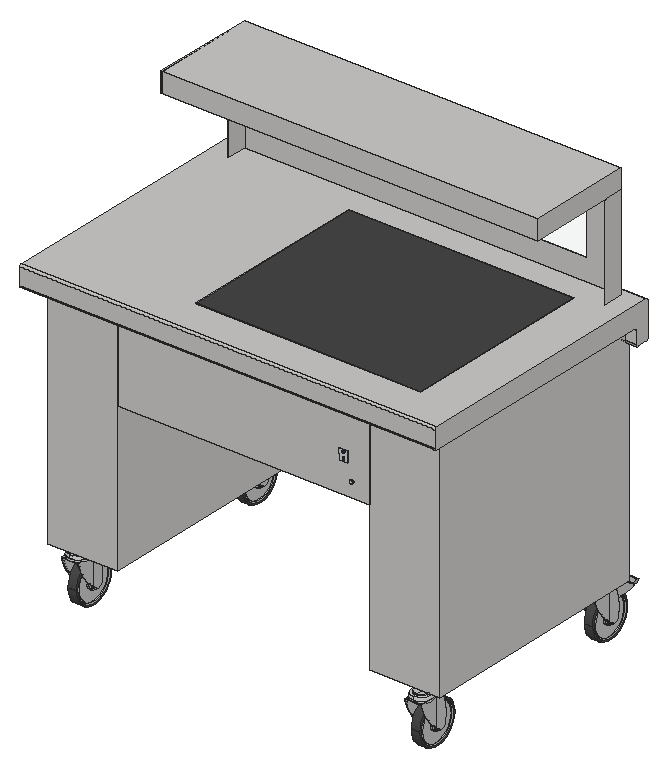
Revit family "QF_BOURGEAT_CARCEROLL_comptoir_chaud", category Equipement spécialisé, Revit 2015
Parameters
  URL catalogue = "http://www.bourgeat.fr"
  URL = ""
  Type de Raccord Electrique = ""
  Type article = ""
  Tension = 230 V
  Spécification du Fabricant = "CARCE'ROLL"
  Remarques Electricité = ""
  Puissance électrique  = 870 W
  Profondeur hors tout = 770 mm
  Poids net à vide = 79.00 kg
  Phase = 2
  Modèle = "884406"
  Longueur hors tout = 1209 mm
  Intensité nominale = 3.78261 A
  Indice de protection = "21"
  Hauteur hors tout = 1228 mm
  Fréquence = 50 Hz
  Fabricant = "BOURGEAT"
  Contact SAV = "0033(0)4.76.32.14.44"
  Charge max = 20.00 kg
Reference planes
  plane 1 "Centre (avant/arrière)": y = 0
  plane 2: z = 0
  plane 3 "Centre (gauche/droite)": x = 0
  plane 4: y = -40
  plane 5: y = -770
  plane 6: x = 604.5
  plane 7: x = -604.5
  plane 8: y = -23
  plane 9: x = 569.5
  plane 10: x = -569.5
  plane 11: y = -713
  plane 12: x = 367.5
  plane 13: x = -367.5
  plane 14: z = 838.607
  plane 15: z = 788.607
  plane 16: y = -688
  plane 17: z = 588.607
  plane 18: x = 548
  plane 19: x = -548
  plane 20: z = 1172.607
  plane 21: y = -25
  plane 22: y = -84
  plane 23: z = 1228.907
  plane 24: y = -327.7
  plane 25: z = 1227.407
  plane 26: y = -26.5
  plane 27: x = -450
  plane 28: x = 450
  plane 29: z = 960.107
  plane 30: z = 1170.107
  plane 31: x = 472.5
  plane 32: y = -660
  plane 33: y = -103
  plane 34: x = -182.5
Forms (mm)
  Extrusion 1, solid, material "Acier inoxydable, brossé"
    sketch origin (0, 0, 790) x (0, 1, 0) y (0, 0, 1)
      loop
        arc (-765, 108.607) -> (-768.536, 107.142) -> (-770, 103.607) r 5
        line (-770, 103.607) -> (-770, 53.607)
        arc (-770, 53.607) -> (-768.536, 50.071) -> (-765, 48.607) r 5
        line (-765, 48.607) -> (-45, 48.607)
        arc (-45, 48.607) -> (-41.464, 47.142) -> (-40, 43.607) r 5
        line (-40, 43.607) -> (-40, 3.607)
        arc (-40, 3.607) -> (-38.536, 0.071) -> (-35, -1.393) r 5
        line (-35, -1.393) -> (-5, -1.393)
        arc (-5, -1.393) -> (-1.464, 0.071) -> (0, 3.607) r 5
        line (0, 3.607) -> (0, 103.607)
        arc (0, 103.607) -> (-1.464, 107.142) -> (-5, 108.607) r 5
        line (-5, 108.607) -> (-765, 108.607)
    from -604.5 to 604.5
  Extrusion 2, solid, material "Acier inoxydable, brossé"
    sketch origin (0, 0, 0) x (1, 0, 0) y (0, 1, 0)
      loop
        line (-569.5, -23) -> (-569.5, -713) -> (-367.5, -713) -> (-367.5, -23) -> (-569.5, -23)
      loop
        line (367.5, -713) -> (569.5, -713) -> (569.5, -23) -> (367.5, -23) -> (367.5, -713)
    from 158.607 to 838.607
  Extrusion 3, solid, material "Acier inoxydable, brossé"
    sketch origin (0, 0, 0) x (0, 1, 0) y (0, 0, 1)
      loop
        line (-713, 838.607) -> (-713, 588.607) -> (-688, 588.607) -> (-688, 838.607) -> (-713, 838.607)
    from -367.5 to 367.5
  Extrusion 4, solid, material "Acier inoxydable, brossé"
    sketch origin (0, 0, 0) x (1, 0, 0) y (0, 0, 1)
      loop
        line (-548, 1172.607) -> (-548, 898.607) -> (548, 898.607) -> (548, 1172.607) -> (-548, 1172.607)
    from 25 to 84
  Extrusion 5, solid, material "Acier inoxydable, brossé"
    sketch origin (0, 0, 0) x (0, 1, 0) y (0, 0, 1)
      loop
        line (-327.7, 1228.907) -> (-327.7, 1172.607) -> (-25, 1172.607) -> (-25, 1228.907) -> (-327.7, 1228.907)
    from -548 to 548
  Extrusion 6, void
    sketch origin (0, 0, 0) x (1, 0, 0) y (0, 1, 0)
      loop
        line (-546.5, -26.5) -> (-546.5, -326.2) -> (546.5, -326.2) -> (546.5, -26.5) -> (-546.5, -26.5)
    from 898.607 to 1227.407
  Extrusion 7, void
    sketch origin (0, 0, 0) x (1, 0, 0) y (0, 0, 1)
      loop
        line (-450, 1170.107) -> (-450, 960.107) -> (450, 960.107) -> (450, 1170.107) -> (-450, 1170.107)
    from 0 to 250
  Extrusion 8, solid, material "Verre, vitrage transparent"
    sketch origin (0, 0, 0) x (1, 0, 0) y (0, 0, 1)
      loop
        line (-450, 1170.107) -> (-450, 960.107) -> (450, 960.107) -> (450, 1170.107) -> (-450, 1170.107)
    from 25 to 26.5
  Extrusion 9, void
    sketch origin (0, 0, 0) x (1, 0, 0) y (0, 1, 0)
      loop
        line (-182.5, -103) -> (-182.5, -660) -> (472.5, -660) -> (472.5, -103) -> (-182.5, -103)
    from 788.607 to 994.934
  Extrusion 10, solid, material "verre trempé"
    sketch origin (0, 0, 0) x (1, 0, 0) y (0, 1, 0)
      loop
        line (-182.5, -103) -> (-182.5, -660) -> (472.5, -660) -> (472.5, -103) -> (-182.5, -103)
    from 878.605 to 898.607
  Extrusion 11, solid
    sketch origin (0, 0, 0) x (1, 0, 0) y (0, 0, 1)
      loop
        circle (314.572, 632.123) r 5
    from 713 to 715.244
Cuts and joins
  Extrusion 6, Extrusion 9 cuts Extrusion 2
  Extrusion 6, Extrusion 7 cuts Extrusion 4
  Extrusion 6 cuts Extrusion 5
  Extrusion 9 cuts Extrusion 1
Dimensions and locks
  plane 1 "Centre (avant/arrière)" to plane 8 = 23 mm
  plane 24 to Extrusion 6 sketch curve = 1.5 mm
  plane 19 to Extrusion 6 sketch curve = 1.5 mm
  Extrusion 6 sketch curve to plane 18 = 1.5 mm
  plane 8 to Extrusion 6 sketch curve = 3.5 mm
  plane 31 to Extrusion 1 = 132 mm
  cut or joined group of Extrusion 2, Extrusion 6, Extrusion 9 to nested 5 = 63 mm
  nested 5 to plane 17 = 89 mm
  aligned and locked: level to plane 2
  aligned and locked: plane 1 "Centre (avant/arrière)" to Extrusion 1 sketch curve
  aligned and locked: plane 4 to Extrusion 1 sketch curve
  aligned and locked: Extrusion 1 sketch curve to plane 5
  aligned and locked: plane 7 to Extrusion 1
  aligned and locked: plane 6 to Extrusion 1
  aligned and locked: Extrusion 2 sketch curve to plane 8
  aligned and locked: plane 10 to Extrusion 2 sketch curve
  aligned and locked: plane 11 to Extrusion 2 sketch curve
  aligned and locked: Extrusion 2 sketch curve to plane 13
  aligned and locked: Extrusion 2 sketch curve to plane 11
  aligned and locked: Extrusion 2 sketch curve to plane 12
  aligned and locked: plane 8 to Extrusion 2 sketch curve
  aligned and locked: plane 9 to Extrusion 2 sketch curve
  aligned and locked: Extrusion 2 to nested 1
  aligned and locked: plane 14 to Extrusion 2
  aligned and locked: Extrusion 3 sketch curve to Extrusion 2  (x2)
  aligned and locked: plane 17 to Extrusion 3 sketch curve
  aligned and locked: Extrusion 3 sketch curve to plane 16
  aligned and locked: Extrusion 3 to plane 13
  aligned and locked: plane 12 to Extrusion 3
  aligned and locked: Extrusion 4 sketch curve to plane 20
  aligned and locked: Extrusion 4 sketch curve to plane 19
  aligned and locked: Extrusion 4 sketch curve to plane 18
  aligned and locked: Extrusion 4 to Extrusion 1
  aligned and locked: plane 21 to Extrusion 4
  aligned and locked: Extrusion 4 to plane 22
  aligned and locked: Extrusion 5 sketch curve to plane 23
  aligned and locked: Extrusion 5 sketch curve to plane 24
  aligned and locked: Extrusion 5 sketch curve to Extrusion 4  (x2)
  aligned and locked: plane 18 to Extrusion 5
  aligned and locked: plane 19 to Extrusion 5
  aligned and locked: plane 25 to Extrusion 6
  aligned and locked: Extrusion 4 to Extrusion 6
  aligned and locked: cut or joined group of Extrusion 5, Extrusion 6 to plane 26
  aligned and locked: Extrusion 7 sketch curve to plane 30
  aligned and locked: plane 27 to Extrusion 7 sketch curve
  aligned and locked: plane 29 to Extrusion 7 sketch curve
  aligned and locked: plane 28 to Extrusion 7 sketch curve
  aligned and locked: Extrusion 8 sketch curve to cut or joined group of Extrusion 4, Extrusion 6, Extrusion 7  (x4)
  aligned and locked: plane 21 to Extrusion 8
  aligned and locked: Extrusion 8 to cut or joined group of Extrusion 4, Extrusion 6, Extrusion 7
  aligned and locked: Extrusion 9 sketch curve to plane 33
  aligned and locked: plane 34 to Extrusion 9 sketch curve
  aligned and locked: plane 32 to Extrusion 9 sketch curve
  aligned and locked: plane 31 to Extrusion 9 sketch curve
  aligned and locked: Extrusion 10 sketch curve to cut or joined group of Extrusion 1, Extrusion 9  (x3)
  aligned and locked: Extrusion 10 sketch curve to cut or joined group of Extrusion 2, Extrusion 6, Extrusion 9
  aligned and locked: cut or joined group of Extrusion 1, Extrusion 9 to Extrusion 10
  aligned and locked: nested 4 to plane 16
  aligned and locked: nested 1 to plane 22
  aligned and locked: nested 2 to plane 22
  aligned and locked: nested 3 to plane 11
  aligned and locked: nested 3 to nested 2
  aligned and locked: nested 4 to nested 1
  aligned and locked: plane 11 to Extrusion 11
  aligned and locked: nested 5 to Extrusion 11
Nested families
  nested 1: "ROULETTE" at (-500.5, -84, 0), type "ROULETTE"
    with Sans frein yes, Avec frein yes
  nested 2: "ROULETTE" at (518, -84, 0), type "ROULETTE"
    with Sans frein yes, Avec frein yes
  nested 3: "ROULETTE" at (518, -713, 0), type "ROULETTE"
    with Sans frein yes, Avec frein no
  nested 4: "ROULETTE" at (-500.5, -688, 0), type "ROULETTE"
    with Sans frein yes, Avec frein no
  nested 5: "switch" at (292, -713, 677.607) x (-1, 0, 0) z (0, 0, 1), type "switch"
Connectors
  electrical at (314.572, -715.244, 632.123)
    settings: on Extrusion 11, index 1, voltage 0 V, apparent load 0 VA, apparent load phase1 0 VA, apparent load phase2 0 VA, apparent load phase3 0 VA, power factor 1, load classification "Autre", number of poles 1, system type 30, power factor state 1, is connector primary yes, connector utility no, sub classification motor no, connector description ""
Definition of nested family "ROULETTE"
  Parameters (values of type "ROULETTE")
    Sans frein [instance] = yes
    Avec frein [instance] = yes
  Reference planes
    plane 1 "Centre (avant/arrière)": y = 0
    plane 2: z = 0
    plane 3 "Centre (gauche/droite)": x = 0
    plane 4: y = 40.851
    plane 5: z = 62.5
  Forms (mm)
    Extrusion 1, solid
      sketch origin (0, 0, 0) x (0, 1, 0) y (0, 0, 1)
        loop
          circle (40.851, 62.5) r 62.5
        loop
          circle (40.851, 62.5) r 57.5
      from -12.5 to 12.5
    Revolve 2, solid
      sketch origin (0, 0, 0) x (0, 1, 0) y (0, 0, 1)
        loop
          line (0, 158.607) -> (-20.149, 158.607) -> (-20.149, 156.49) -> (-22.4, 156.49)
          arc (-22.4, 156.49) -> (-24.88, 155.923) -> (-26.868, 154.337) r 5.712
          line (-26.868, 154.337) -> (-30.146, 147.743) -> (-26.999, 147.062) -> (-26.999, 146.112)
          arc (-26.999, 146.112) -> (-27.23, 145.314) -> (-27.849, 144.761) r 1.5
          arc (-27.849, 144.761) -> (-29.223, 143.633) -> (-29.923, 142) r 3.75
          line (-29.923, 142) -> (0, 142) -> (0, 158.607)
        axis (0, 158.607) -> (0, 142)
      angle from 0 to 360
    Extrusion 3, solid
      sketch origin (0, 0, 0) x (0, 1, 0) y (0, 0, -1)
        loop
          line (-29.974, -138.241) -> (-29.974, -142) -> (21.747, -142) -> (21.747, -60.336)
          arc (21.747, -60.336) -> (10.272, -70.702) -> (-0.149, -82.127) r 160.057
          arc (-0.149, -82.127) -> (-17.883, -108.684) -> (-29.974, -138.241) r 159.585
      from -24.913 to -23.038
    Extrusion 4, solid
      sketch origin (0, 0, 0) x (0, 1, 0) y (0, 0, 1)
        loop
          line (-29.974, 142) -> (-29.974, 140.869) -> (21.747, 140.869) -> (21.747, 142) -> (-29.974, 142)
      from -23.038 to 23.038
    Extrusion 5, solid
      sketch origin (0, 0, 0) x (0, 1, 0) y (0, 0, 1)
        loop
          circle (40.851, 62.5) r 57.5
        loop
          circle (40.851, 62.5) r 55
      from -12.5 to 12.5
    Extrusion 6, solid
      sketch origin (0, 0, 0) x (0, 1, 0) y (0, 0, 1)
        loop
          circle (40.851, 62.5) r 55
      from -7 to 7
    Extrusion 7, solid
      sketch origin (0, 0, 0) x (0, 1, 0) y (0, 0, 1)
        loop
          circle (40.851, 62.5) r 21
      from 7 to 15
    Extrusion 8, solid
      sketch origin (0, 0, 0) x (0, 1, 0) y (0, 0, -1)
        loop
          circle (40.851, -62.5) r 16
      from -23.038 to -15
    Extrusion 9, solid, visible <- "Sans frein"
      sketch origin (0, 0, 0) x (0, 1, 0) y (0, 0, 1)
        loop
          arc (21.747, 60.336) -> (23.188, 59.17) -> (24.642, 58.02) r 161.23
          arc (24.642, 58.02) -> (29.34, 54.513) -> (34.187, 51.216) r 133.333
          arc (34.187, 51.216) -> (46.517, 50.3) -> (53.927, 60.198) r 12.867
          arc (53.927, 60.198) -> (54.714, 99.183) -> (46.119, 137.216) r 161.222
          arc (46.119, 137.216) -> (45.679, 138.887) -> (45.531, 140.609) r 10.076
          line (45.531, 140.609) -> (45.531, 142) -> (21.747, 142) -> (21.747, 60.336)
      from 23.038 to 24.913
    Extrusion 10, solid, visible <- "Sans frein"
      sketch origin (0, 0, 0) x (0, 1, 0) y (0, 0, 1)
        loop
          line (21.747, 142) -> (21.747, 140.701) -> (48.851, 140.701) -> (48.851, 142) -> (21.747, 142)
      from -23.038 to 23.038
    Extrusion 11, solid, visible <- "Avec frein"
      sketch origin (0, 0, 0) x (0, 1, 0) y (0, 0, 1)
        loop
          line (21.747, 142) -> (21.747, 60.336)
          arc (21.747, 60.336) -> (23.177, 59.179) -> (24.62, 58.038) r 160.008
          arc (24.62, 58.038) -> (29.041, 54.705) -> (33.574, 51.527) r 160
          arc (33.574, 51.527) -> (46.135, 50.422) -> (53.724, 60.491) r 13
          arc (53.724, 60.491) -> (55.279, 82.092) -> (53.902, 103.704) r 160
          arc (53.902, 103.704) -> (55.53, 108.653) -> (60.415, 110.463) r 6
          arc (60.415, 110.463) -> (80.625, 109.924) -> (100.725, 112.107) r 150
          arc (100.725, 112.107) -> (104.408, 113.406) -> (107.479, 115.819) r 12
          line (107.479, 115.819) -> (110.851, 121.523)
          arc (110.851, 121.523) -> (85.913, 134.651) -> (58.706, 142) r 127.902
          line (58.706, 142) -> (21.747, 142)
      from 23.038 to 24.913
    Extrusion 12, solid, visible <- "Avec frein"
      sketch origin (0, 0, 0) x (0, 1, 0) y (0, 0, 1)
        loop
          line (58.706, 142) -> (21.747, 142) -> (21.747, 140) -> (58.552, 140)
          arc (58.552, 140) -> (85.253, 132.762) -> (109.73, 119.866) r 125.902
          line (109.73, 119.866) -> (110.851, 121.523)
          arc (110.851, 121.523) -> (85.913, 134.651) -> (58.706, 142) r 127.902
      from -23.038 to 23.038
    Extrusion 13, solid, visible <- "Avec frein"
      sketch origin (0, 19.896, 18.175) x (0, 1, 0) y (0, 0, 1)
        loop
          line (87.583, 97.644) -> (91.829, 95.227)
          arc (91.829, 95.227) -> (93.8, 95.006) -> (95.312, 96.29) r 2.5
          arc (95.312, 96.29) -> (103.495, 100.002) -> (111.176, 104.666) r 74.999
          line (111.176, 104.666) -> (110.852, 105.929)
          arc (110.852, 105.929) -> (110.04, 107.086) -> (108.666, 107.417) r 2
          arc (108.666, 107.417) -> (101.396, 105.849) -> (94.512, 103.034) r 42.354
          line (94.512, 103.034) -> (93.479, 101.228) -> (93.285, 100.414) -> (91.69, 101.675) -> (90.401, 102.412) -> (87.583, 97.644)
      from -23.038 to 23.038
    Extrusion 14, solid, not visible
      sketch origin (0, 0, 0) x (0, 1, 0) y (0, 0, -1)
        loop
          line (-29.974, -138.241) -> (-29.974, -142) -> (21.747, -142) -> (21.747, -60.336)
          arc (21.747, -60.336) -> (10.272, -70.702) -> (-0.149, -82.127) r 160.057
          arc (-0.149, -82.127) -> (-17.883, -108.684) -> (-29.974, -138.241) r 159.585
      from -24.913 to -23.038
    Extrusion 15, solid, not visible
      sketch origin (0, 0, 0) x (0, 1, 0) y (0, 0, 1)
        loop
          circle (40.851, 62.5) r 21
      from 7 to 15
    Extrusion 16, solid, not visible
      sketch origin (0, 0, 0) x (0, 1, 0) y (0, 0, -1)
        loop
          circle (40.851, -62.5) r 16
      from -23.038 to -15
    Extrusion 17, solid, visible <- "Sans frein", not visible
      sketch origin (0, 0, 0) x (0, 1, 0) y (0, 0, 1)
        loop
          arc (21.747, 60.336) -> (23.188, 59.17) -> (24.642, 58.02) r 161.23
          arc (24.642, 58.02) -> (29.34, 54.513) -> (34.187, 51.216) r 133.333
          arc (34.187, 51.216) -> (46.517, 50.3) -> (53.927, 60.198) r 12.867
          arc (53.927, 60.198) -> (54.714, 99.183) -> (46.119, 137.216) r 161.222
          arc (46.119, 137.216) -> (45.679, 138.887) -> (45.531, 140.609) r 10.076
          line (45.531, 140.609) -> (45.531, 142) -> (21.747, 142) -> (21.747, 60.336)
      from 23.038 to 24.913
    Extrusion 18, solid, visible <- "Avec frein", not visible
      sketch origin (0, 0, 0) x (0, 1, 0) y (0, 0, 1)
        loop
          line (21.747, 142) -> (21.747, 60.336)
          arc (21.747, 60.336) -> (23.177, 59.179) -> (24.62, 58.038) r 160.008
          arc (24.62, 58.038) -> (29.041, 54.705) -> (33.574, 51.527) r 160
          arc (33.574, 51.527) -> (46.135, 50.422) -> (53.724, 60.491) r 13
          arc (53.724, 60.491) -> (55.279, 82.092) -> (53.902, 103.704) r 160
          arc (53.902, 103.704) -> (55.53, 108.653) -> (60.415, 110.463) r 6
          arc (60.415, 110.463) -> (80.625, 109.924) -> (100.725, 112.107) r 150
          arc (100.725, 112.107) -> (104.408, 113.406) -> (107.479, 115.819) r 12
          line (107.479, 115.819) -> (110.851, 121.523)
          arc (110.851, 121.523) -> (85.913, 134.651) -> (58.706, 142) r 127.902
          line (58.706, 142) -> (21.747, 142)
      from 23.038 to 24.913
    Extrusion 19, solid
      sketch origin (0, 0, 0) x (0, -1, 0) y (0, 0, -1)
        loop
          arc (29.974, -138.241) -> (17.883, -108.684) -> (0.149, -82.127) r 159.585
          arc (0.149, -82.127) -> (-10.272, -70.702) -> (-21.747, -60.336) r 160.057
          line (-21.747, -60.336) -> (-21.747, -142) -> (29.974, -142) -> (29.974, -138.241)
      from -24.913 to -23.038
    Extrusion 20, solid
      sketch origin (0, 0, 0) x (0, -1, 0) y (0, 0, 1)
        loop
          circle (-40.851, 62.5) r 21
      from 7 to 15
    Extrusion 21, solid
      sketch origin (0, 0, 0) x (0, -1, 0) y (0, 0, -1)
        loop
          circle (-40.851, -62.5) r 16
      from -23.038 to -15
    Extrusion 22, solid, visible <- "Sans frein"
      sketch origin (0, 0, 0) x (0, -1, 0) y (0, 0, 1)
        loop
          line (-21.747, 60.336) -> (-21.747, 142) -> (-45.531, 142) -> (-45.531, 140.609)
          arc (-45.531, 140.609) -> (-45.679, 138.887) -> (-46.119, 137.216) r 10.076
          arc (-46.119, 137.216) -> (-54.714, 99.183) -> (-53.927, 60.198) r 161.222
          arc (-53.927, 60.198) -> (-46.517, 50.3) -> (-34.187, 51.216) r 12.867
          arc (-34.187, 51.216) -> (-29.34, 54.513) -> (-24.642, 58.02) r 133.333
          arc (-24.642, 58.02) -> (-23.188, 59.17) -> (-21.747, 60.336) r 161.23
      from 23.038 to 24.913
    Extrusion 23, solid, visible <- "Avec frein"
      sketch origin (0, 0, 0) x (0, -1, 0) y (0, 0, 1)
        loop
          line (-21.747, 142) -> (-58.706, 142)
          arc (-58.706, 142) -> (-85.913, 134.651) -> (-110.851, 121.523) r 127.902
          line (-110.851, 121.523) -> (-107.479, 115.819)
          arc (-107.479, 115.819) -> (-104.408, 113.406) -> (-100.725, 112.107) r 12
          arc (-100.725, 112.107) -> (-80.625, 109.924) -> (-60.415, 110.463) r 150
          arc (-60.415, 110.463) -> (-55.53, 108.653) -> (-53.902, 103.704) r 6
          arc (-53.902, 103.704) -> (-55.279, 82.092) -> (-53.724, 60.491) r 160
          arc (-53.724, 60.491) -> (-46.135, 50.422) -> (-33.574, 51.527) r 13
          arc (-33.574, 51.527) -> (-29.041, 54.705) -> (-24.62, 58.038) r 160
          arc (-24.62, 58.038) -> (-23.177, 59.179) -> (-21.747, 60.336) r 160.008
          line (-21.747, 60.336) -> (-21.747, 142)
      from 23.038 to 24.913
  Dimensions and locks
    level to Revolve 2 = 158.607 mm
    aligned and locked: level to plane 2
Definition of nested family "switch"
  Reference planes
    plane 1 "Centre (avant/arrière)": y = 0
    plane 2: z = 0
    plane 3 "Centre (gauche/droite)": x = 0
    plane 4: y = 5
    plane 5: y = 1
    plane 6: z = 31
    plane 7: x = 12.5
    plane 8: x = -12.5
    plane 9: z = 25.177
  Forms (mm)
    Extrusion 1, solid
      sketch origin (0, 0, 0) x (0, 1, 0) y (0, 0, 1)
        loop
          line (0, 0) -> (1, 0) -> (2.152, 31) -> (0, 31) -> (0, 0)
      from -12.5 to 12.5
    Extrusion 2, solid
      sketch origin (0, 0, 4.291) x (1, 0, 0) y (0, 0, 1)
        loop
          circle (0, 20.886) r 3.186
        loop
          line (1.701, -1.363) -> (1.701, 7.758) -> (-1.378, 7.758) -> (-1.378, -1.363) -> (1.701, -1.363)
      from 0 to -2.244
  Dimensions and locks
    plane 6 to plane 2 = 31 mm
    aligned and locked: level to plane 2
    aligned and locked: plane 5 to Extrusion 1 sketch curve
    aligned and locked: plane 6 to Extrusion 1
    aligned and locked: plane 8 to Extrusion 1
    aligned and locked: plane 7 to Extrusion 1
    aligned and locked: plane 3 "Centre (gauche/droite)" to Extrusion 2 sketch curve
    aligned and locked: plane 9 to Extrusion 2
